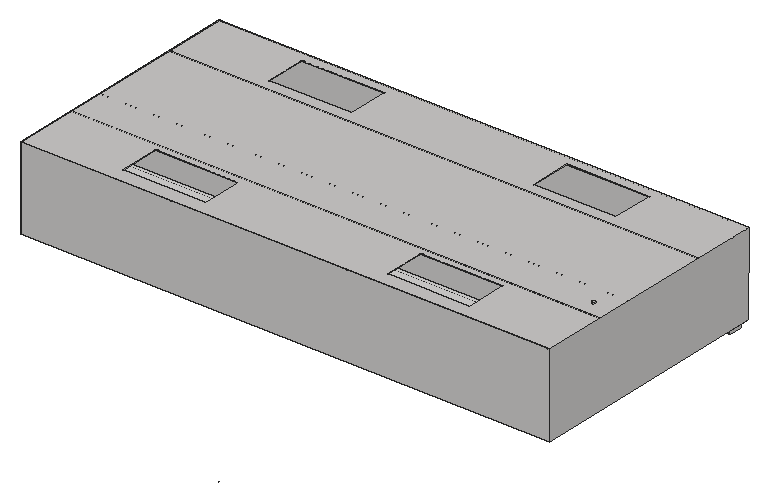
Revit family "QF_ELECTROLUXPROFESSIONAL_641262_STPF1532", category Attrezzature speciali, Revit 2021
Family settings
  Quota connettore circolare = Usa diametro
  Tipo di parte = Normale
  Basato su piano di lavoro = No
  Sempre verticale = Sì
  Taglio con vuoti quando caricato = No
  Condiviso = No
  Punto di calcolo locali = No
Parameters (values of type "Standard")
  Weight = 203.00 kg
  Watts = 240 W
  Volts = 220 V
  URL Manufacturer = "https://www.electroluxprofessional.com/"
  URL = "https://www.electroluxprofessional.com/"
  Steam Supply Size = 0 mm
  Steam Supply Minimum Pressure = 0.0 Pa
  Steam Supply Maximum Pressure = 0.0 Pa
  Steam Consumption per Hour = 0
  Refrigeration Suction Line Size = 0 mm
  Refrigeration Liquid Line Size = 0 mm
  Refrigerant Compressor Remote = yes
  Prospetto di default = 0 mm
  Produttore = "Electrolux Professional"
  Phase = 1
  Modello = "STPF1532"
  Length Actual = 3200 mm  # constant formula
  Item Number = "641262"
  Hot Water Size = 0 mm
  Height Actual = 500 mm  # constant formula
  HP = "0.3 HP"
  Gas Size = 0 mm
  Gas KW = 0
  Gas Input Pressure = 0 W
  Direct Waste Size = 0 mm
  Descrizione = "304 S/S WALL HOOD+FILTERS+LAMPS 320X150"
  Depth Actual = 1500 mm  # constant formula
  Cycle = 50 Hz
  Condensate Return Size = 0 mm
  Compressed Air Volume = 0.0 L/s
  Compressed Air Size = 0 mm
  Compressed Air Pressure = 0.0 Pa
  Cold Water Size = 0 mm
  Accessory = yes
Reference planes
  plane 1: z = 0
  plane 2 "Center (Left/Right)": x = 150
  plane 3 "LEFT": x = -1450
  plane 4 "RIGHT": x = 1750
  plane 5 "BACK": y = 550
  plane 6 "TOP": z = 2500
  plane 7 "Base": z = 2000
  plane 8: z = 1955
  plane 9 "DrainY": y = 490
  plane 10: x = -1447
  plane 11 "DrainX": x = 1630
  plane 12 "AOLeft2": x = -400
  plane 13 "AORight1": x = 700
  plane 14: x = 1747
  plane 15: x = -1250
  plane 16: x = 1550
  plane 17 "Center (Front/Back)": y = -100
  plane 18 "Front": y = -950
  plane 19 "AOLeft1": x = -900
  plane 20 "AORight2": x = 1200
  plane 21: y = -864
  plane 22: y = -614
  plane 23: y = 240
  plane 24: y = 490
  plane 25 "EI_y": y = -470
  plane 26 "EIx": x = 1630
Forms (mm)
  Extrusion 1, solid, material "QF_Finishes_Stainless Steel"
    sketch origin (-1450, 0, 360) x (0, 1, 0) y (0, 0, 1)
      loop
        line (550, 1640) -> (550, 2140) -> (-950, 2140) -> (-950, 1640) -> (550, 1640)
    from 0 to 3
  Extrusion 2, solid, material "QF_Finishes_Stainless Steel"
    sketch origin (1750, 0, 360) x (0, 1, 0) y (0, 0, 1)
      loop
        line (550, 1640) -> (550, 2140) -> (-950, 2140) -> (-950, 1640) -> (550, 1640)
    from 0 to -3
  Extrusion 3, solid, material "QF_Finishes_Stainless Steel"
    sketch origin (150, 0, 360) x (0, 1, 0) y (0, 0, 1)
      loop
        line (-950, 2140) -> (-950, 1640) -> (-940, 1640) -> (-940, 1640.8) -> (-949.2, 1640.8) -> (-949.2, 2139.19) -> (549.2, 2139.19) -> (549.2, 1640.8) -> (540, 1640.8) -> (540, 1640) -> (550, 1640) -> (550, 2140) -> (-950, 2140)
    from -1600 to 1600
  Extrusion 4, solid, material "QF_Finishes_Stainless Steel"
    sketch origin (0, 0, 2000) x (0, 1, 0) y (-1, 0, 0)
      loop
        circle (490, -1630) r 4.763
    from -30 to 0
  Extrusion 5, void
    sketch origin (0, 0, 2500) x (0, 1, 0) y (-1, 0, 0)
      loop
        line (-614, 400) -> (-614, 900) -> (-864, 900) -> (-864, 400) -> (-614, 400)
    from 0 to -10
  Extrusion 6, solid, material "QF_Finishes_Stainless Steel"
    sketch origin (0, 0, 0) x (1, 0, 0) y (0, 1, 0)
      loop
        line (-1450, 550) -> (-1450, 549) -> (-1449, 549) -> (-1449, 550) -> (-1450, 550)
    from 0 to 1
  Extrusion 7, solid, material "QF_LAMPS"
    sketch origin (150, 0, 360) x (0, 1, 0) y (0, 0, 1)
      loop
        line (-572.823, 1962.324) -> (-418.948, 2086.929) -> (-427.129, 2097.032) -> (-581.003, 1972.426) -> (-572.823, 1962.324)
    from 1597 to -1597
  Sweep 8, solid, material "QF_Finishes_Stainless Steel"
    path origin (0, 0, 0) x (1, 0, 0) y (0, 1, 0)
      loop
        line (1750, 550) -> (-1450, 550) -> (-1450, -950) -> (1750, -950) -> (1750, 550)
    profile origin (1750, -200, 0) x (1, 0, 0) y (0, 0, 1)
      loop
        line (-3, 2000) -> (-3, 2000.8) -> (-19, 2000.8) -> (-19, 2010) -> (-20, 2010) -> (-20, 2000) -> (-3, 2000)
  Extrusion 9, solid, material "QF_Finishes_Stainless Steel"
    sketch origin (150, 0, 0) x (0, 1, 0) y (0, 0, 1)
      loop
        line (414.66, 2095.469) -> (440.643, 2110.471) -> (261.744, 2411.771) -> (235.948, 2396.455) -> (414.66, 2095.469)
    from -1597 to -1400
  Extrusion 10, void
    sketch origin (1134.605, 0, 2500) x (0, 1, 0) y (-1, 0, 0)
      loop
        line (-614, -65.395) -> (-614, 434.605) -> (-864, 434.605) -> (-864, -65.395) -> (-614, -65.395)
    from 0 to -10
  Extrusion 11, solid, material "QF_Finishes_Stainless Steel"
    sketch origin (1630, 0, 0) x (0, 1, 0) y (0, 0, 1)
      loop
        line (539, 2000) -> (441, 2000) -> (441, 1989) -> (448.5, 1989) -> (448.5, 1965)
        arc (448.5, 1965) -> (451.429, 1957.929) -> (458.5, 1955) r 10
        line (458.5, 1955) -> (521.5, 1955)
        arc (521.5, 1955) -> (528.571, 1957.929) -> (531.5, 1965) r 10
        line (531.5, 1965) -> (531.5, 1989) -> (539, 1989) -> (539, 2000)
    from 90 to -90
  Extrusion 12, solid, material "QF_Finishes_Stainless Steel"
    sketch origin (150, 0, 0) x (0, 1, 0) y (0, 0, 1)
      loop
        line (414.66, 2095.469) -> (440.643, 2110.471) -> (261.744, 2411.771) -> (235.948, 2396.455) -> (414.66, 2095.469)
    from 1400 to 1597
  Extrusion 13, solid, material "QF_Finished_Chrome"
    sketch origin (150, 0, 0) x (0, 1, 0) y (0, 0, 1)
      loop
        line (414.66, 2095.469) -> (440.643, 2110.471) -> (261.744, 2411.771) -> (235.948, 2396.455) -> (414.66, 2095.469)
    from -1400 to 1400
  Extrusion 14, void
    sketch origin (0, 1180, 2500) x (0, 1, 0) y (-1, 0, 0)
      loop
        line (-690, 400) -> (-690, 900) -> (-940, 900) -> (-940, 400) -> (-690, 400)
    from 0 to -10
  Extrusion 15, void
    sketch origin (1600, 1180, 2500) x (0, 1, 0) y (-1, 0, 0)
      loop
        line (-690, 400) -> (-690, 900) -> (-940, 900) -> (-940, 400) -> (-690, 400)
    from 0 to -10
  Extrusion 16, solid, material "QF_Finishes_Stainless Steel"
    sketch origin (0, 0, 2500) x (0, 1, 0) y (-1, 0, 0)
      loop
        circle (-470, -1630) r 10
    from 0 to 1.6
  Extrusion 17, solid, material "QF_Finishes_Stainless Steel"
    sketch origin (150, 0, 360) x (0, 1, 0) y (0, 0, 1)
      loop
        line (430.005, 1640) -> (540, 1640) -> (540, 1640.8) -> (430.467, 1640.8) -> (371.906, 1742.23) -> (414.858, 1734.657) -> (442.266, 1750.481) -> (442.266, 1765.943) -> (441.466, 1765.943) -> (441.466, 1750.943) -> (414.709, 1735.495) -> (321.153, 1751.991) -> (320.875, 1750.416) -> (371.4, 1741.507) -> (430.005, 1640)
      loop
        line (172.529, 2139.19) -> (242.893, 2017.316) -> (245.133, 2018.715) -> (240.13, 2027.381) -> (238.569, 2026.405) -> (173.453, 2139.19) -> (172.529, 2139.19)
    from -1597 to 1597
  Extrusion 18, solid, material "QF_Finishes_Stainless Steel"
    sketch origin (150, 200.8, 360) x (0, 1, 0) y (0, 0, 1)
      loop
        line (-1150, 2139.19) -> (-1150, 1640) -> (-1086.602, 1640) -> (-999.146, 1690.493) -> (-1010.058, 1709.394) -> (-1066.564, 1676.77) -> (-1114.704, 1680.982) -> (-1149.2, 1730.248) -> (-1149.2, 2139.19) -> (-1150, 2139.19)
      loop
        line (-773.6, 1961.694) -> (-781.937, 1971.99) -> (-769.095, 1982.182) -> (-769.095, 2139.19) -> (-769.895, 2139.19) -> (-769.895, 1982.569) -> (-1082.298, 1734.63) -> (-1071.091, 1720.79) -> (-773.6, 1961.694)
      loop
        line (-627.61, 2099.216) -> (-618.171, 2087.559) -> (-554.411, 2139.19) -> (-555.682, 2139.19) -> (-618.052, 2088.684) -> (-626.989, 2099.719) -> (-627.61, 2099.216)
    from -1597 to 1597
  Extrusion 19, solid, material "QF_Finishes_Stainless Steel"
    sketch origin (0, 0, 2500) x (0, 1, 0) y (-1, 0, 0)
      loop
        circle (-470, -1630) r 10
    from 0 to 1.6
Cuts and joins
  Extrusion 5, Extrusion 10, Extrusion 14, Extrusion 15 cuts Extrusion 3
  joined: Extrusion 2, Extrusion 3, Sweep 8
Lines and regions (mm)
  symbolic lines, style "SpecialityEquipment", detail levels coarse
    curve 1: line (1750, 550, 2500) -> (-1450, 550, 2500)
    curve 2: line (-1450, 550, 2500) -> (-1450, -950, 2500)
    curve 3: line (1750, -950, 2500) -> (1750, 550, 2500)
    curve 4: line (-1450, 550, 0) -> (1750, -950, 0)
    curve 5: line (1750, 550, 0) -> (-1450, -950, 0)
    curve 6: line (-1450, -950, 0) -> (1750, -950, 0)
  symbolic lines, detail levels coarse
    curve 7: line (-900, 240, 2500) -> (-400, 240, 2500)
    curve 8: line (-900, 490, 2500) -> (-900, 240, 2500)
    curve 9: line (-400, 490, 2500) -> (-900, 490, 2500)
    curve 10: line (-400, 240, 2500) -> (-400, 490, 2500)
    curve 11: line (700, 490, 2500) -> (700, 240, 2500)
    curve 12: line (1200, 490, 2500) -> (700, 490, 2500)
    curve 13: line (700, 240, 2500) -> (1200, 240, 2500)
    curve 14: line (1200, 240, 2500) -> (1200, 490, 2500)
    curve 15: line (-900, -614, 2500) -> (-400, -614, 2500)
    curve 16: line (-900, -864, 2500) -> (-900, -614, 2500)
    curve 17: line (-400, -864, 2500) -> (-900, -864, 2500)
    curve 18: line (-400, -614, 2500) -> (-400, -864, 2500)
    curve 19: line (700, -614, 2500) -> (1200, -614, 2500)
    curve 20: line (700, -864, 2500) -> (700, -614, 2500)
    curve 21: line (1200, -864, 2500) -> (700, -864, 2500)
    curve 22: line (1200, -614, 2500) -> (1200, -864, 2500)
Dimensions and locks
  plane 3 "LEFT" to plane 4 "RIGHT" = 3200 mm
  equal spacing: plane 3 "LEFT", plane 2 "Center (Left/Right)", plane 4 "RIGHT"
  plane 7 "Base" to plane 8 = 45 mm
  plane 5 "BACK" to plane 9 "DrainY" = 60 mm  (x2)
  plane 3 "LEFT" to plane 10 = 3 mm
  plane 11 "DrainX" to plane 4 "RIGHT" = 120 mm
  plane 14 to plane 4 "RIGHT" = 3 mm
  plane 3 "LEFT" to plane 15 = 200 mm
  plane 16 to plane 4 "RIGHT" = 200 mm
  locked: plane 12 "AOLeft2" to plane 13 "AORight1" at 1100
  equal spacing: plane 12 "AOLeft2", plane 2 "Center (Left/Right)", plane 13 "AORight1"
  locked: plane 7 "Base" to level at 2000
  locked: plane 6 "TOP" to plane 7 "Base" at 500
  locked: plane 19 "AOLeft1" to plane 12 "AOLeft2" at 500
  locked: plane 13 "AORight1" to plane 20 "AORight2" at 500
  locked: plane 22 to plane 21 at 250
  locked: plane 21 to plane 18 "Front" at 86
  locked: plane 24 to plane 23 at 250
  locked: plane 5 "BACK" to plane 24 at 60
  locked: plane 25 "EI_y" to plane 18 "Front" at 480
  locked: plane 26 "EIx" to plane 4 "RIGHT" at 120
  locked: plane 5 "BACK" to plane 18 "Front" at 1500
  plane 5 "BACK" to plane 18 "Front" = 1500 mm
  aligned and locked: level to plane 1
  aligned and locked: plane 4 "RIGHT" to Extrusion 3
  aligned and locked: Extrusion 3 to plane 3 "LEFT"
  aligned and locked: Extrusion 2 to plane 14
  aligned and locked: Extrusion 9 to plane 10
  aligned and locked: Extrusion 5 to plane 19 "AOLeft1"
  aligned and locked: Extrusion 5 to plane 12 "AOLeft2"
  aligned and locked: plane 20 "AORight2" to Extrusion 10
  aligned and locked: plane 13 "AORight1" to Extrusion 10
  aligned and locked: plane 15 to Extrusion 9
  aligned and locked: plane 16 to Extrusion 12
  aligned and locked: plane 14 to Extrusion 12
  aligned and locked: Extrusion 13 to plane 15
  aligned and locked: Extrusion 13 to plane 16
  aligned and locked: plane 14 to Extrusion 7
  aligned and locked: Extrusion 7 to plane 10
  aligned and locked: Extrusion 14 to plane 23
  aligned and locked: plane 24 to Extrusion 14
  aligned and locked: plane 24 to Extrusion 15
  aligned and locked: Extrusion 15 to plane 23
  aligned and locked: plane 13 "AORight1" to Extrusion 15
  aligned and locked: plane 20 "AORight2" to Extrusion 15
  aligned and locked: Extrusion 14 to plane 19 "AOLeft1"
  aligned and locked: Extrusion 14 to plane 12 "AOLeft2"
  aligned and locked: Extrusion 17 to plane 10
  aligned and locked: plane 14 to Extrusion 17
  aligned and locked: Extrusion 5 to plane 21
  aligned and locked: plane 22 to Extrusion 5
  aligned and locked: Extrusion 10 to plane 21
  aligned and locked: Extrusion 18 to plane 10
  aligned and locked: plane 14 to Extrusion 18
Automatic sketch dimensions
  curve 6 to plane 3 "LEFT" = 0 mm
  curve 4 to plane 3 "LEFT" = 0 mm
  curve 5 to plane 4 "RIGHT" = 0 mm
  curve 6 to plane 4 "RIGHT" = 0 mm
  curve 4 to plane 18 "Front" = 0 mm
  curve 5 to plane 5 "BACK" = 0 mm
  curve 4 to plane 5 "BACK" = 0 mm
  Extrusion 1 sketch curve to plane 7 "Base" = 0 mm
  Extrusion 1 sketch curve to plane 18 "Front" = 0 mm
  Extrusion 1 sketch curve to plane 5 "BACK" = 0 mm
  Extrusion 1 sketch curve to plane 6 "TOP" = 0 mm
  Extrusion 2 sketch curve to plane 7 "Base" = 0 mm
  Extrusion 2 sketch curve to plane 18 "Front" = 0 mm
  Extrusion 2 sketch curve to plane 5 "BACK" = 0 mm
  Extrusion 2 sketch curve to plane 6 "TOP" = 0 mm
  Extrusion 3 sketch curve to plane 6 "TOP" = 0 mm
  Extrusion 3 sketch curve to plane 18 "Front" = 0 mm
  Extrusion 3 sketch curve to plane 7 "Base" = 0 mm  (x2)
  Extrusion 3 sketch curve to plane 5 "BACK" = 0 mm
  plane 18 "Front" to Extrusion 3 sketch curve = 0.8 mm
  Extrusion 3 sketch curve to Extrusion 3 sketch curve = 9.2 mm
  plane 7 "Base" to Extrusion 3 sketch curve = 0.8 mm  (x2)
  Extrusion 3 sketch curve to plane 5 "BACK" = 10 mm
  Extrusion 3 sketch curve to plane 5 "BACK" = 0.8 mm
  Extrusion 3 sketch curve to plane 6 "TOP" = 0.81 mm
  Extrusion 4 sketch curve to plane 9 "DrainY" = 0 mm
  Extrusion 4 sketch curve to plane 11 "DrainX" = 0 mm
  Extrusion 5 sketch curve to plane 12 "AOLeft2" = 0 mm
  Extrusion 5 sketch curve to plane 21 = 0 mm
  Extrusion 5 sketch curve to plane 22 = 0 mm
  Extrusion 5 sketch curve to plane 19 "AOLeft1" = 0 mm
  Extrusion 6 sketch curve to plane 3 "LEFT" = 0 mm
  Extrusion 6 sketch curve to plane 5 "BACK" = 0 mm
  plane 3 "LEFT" to Extrusion 6 sketch curve = 1 mm
  Extrusion 6 sketch curve to Extrusion 6 sketch curve = 1 mm
  plane 22 to Extrusion 7 sketch curve = 32.997 mm
  Extrusion 7 sketch curve to Extrusion 7 sketch curve = 8.181 mm  (x2)
  plane 25 "EI_y" to Extrusion 7 sketch curve = 42.871 mm
  Extrusion 7 sketch curve to plane 6 "TOP" = 177.676 mm
  Extrusion 7 sketch curve to Extrusion 7 sketch curve = 10.102 mm
  Extrusion 7 sketch curve to plane 6 "TOP" = 53.071 mm
  Extrusion 7 sketch curve to Extrusion 7 sketch curve = 10.103 mm
  Sweep 8 sketch curve to plane 3 "LEFT" = 0 mm
  Sweep 8 sketch curve to plane 4 "RIGHT" = 0 mm
  Sweep 8 sketch curve to plane 18 "Front" = 0 mm
  Sweep 8 sketch curve to plane 5 "BACK" = 0 mm
  profile plane to Sweep 8 sketch curve = 20 mm
  Sweep 8 sketch curve to Sweep 8 sketch curve = 1 mm
  profile plane to Sweep 8 sketch curve = 3 mm
  level to Sweep 8 sketch curve = 2000 mm
  Sweep 8 sketch curve to Sweep 8 sketch curve = 0.8 mm
  Sweep 8 sketch curve to Sweep 8 sketch curve = 9.2 mm
  Extrusion 9 sketch curve to plane 23 = 4.052 mm
  plane 23 to Extrusion 9 sketch curve = 21.744 mm
  Extrusion 9 sketch curve to plane 9 "DrainY" = 75.34 mm
  Extrusion 9 sketch curve to Extrusion 9 sketch curve = 25.983 mm
  plane 7 "Base" to Extrusion 9 sketch curve = 95.469 mm
  Extrusion 9 sketch curve to Extrusion 9 sketch curve = 15.001 mm
  Extrusion 9 sketch curve to plane 6 "TOP" = 103.545 mm
  Extrusion 9 sketch curve to Extrusion 9 sketch curve = 15.316 mm
  Extrusion 10 sketch curve to plane 20 "AORight2" = 0 mm
  Extrusion 10 sketch curve to plane 21 = 0 mm
  Extrusion 10 sketch curve to plane 22 = 0 mm
  Extrusion 10 sketch curve to plane 13 "AORight1" = 0 mm
  Extrusion 11 sketch curve to plane 8 = 0 mm
  Extrusion 11 sketch curve to plane 7 "Base" = 11 mm  (x2)
  Extrusion 11 sketch curve to plane 9 "DrainY" = 49 mm
  Extrusion 11 sketch curve to Extrusion 11 sketch curve = 7.5 mm  (x2)
  Extrusion 11 sketch curve to Extrusion 11 sketch curve = 10 mm
  Extrusion 11 sketch curve to plane 5 "BACK" = 28.5 mm
  Extrusion 11 sketch curve to plane 5 "BACK" = 18.5 mm
  plane 7 "Base" to Extrusion 11 sketch curve = 0 mm
  Extrusion 12 sketch curve to plane 23 = 4.052 mm
  plane 23 to Extrusion 12 sketch curve = 21.744 mm
  Extrusion 12 sketch curve to plane 9 "DrainY" = 75.34 mm
  Extrusion 12 sketch curve to Extrusion 12 sketch curve = 25.983 mm
  plane 7 "Base" to Extrusion 12 sketch curve = 95.469 mm
  Extrusion 12 sketch curve to Extrusion 12 sketch curve = 15.001 mm
  Extrusion 12 sketch curve to plane 6 "TOP" = 103.545 mm
  Extrusion 12 sketch curve to Extrusion 12 sketch curve = 15.316 mm
  Extrusion 13 sketch curve to plane 23 = 4.052 mm
  plane 23 to Extrusion 13 sketch curve = 21.744 mm
  Extrusion 13 sketch curve to plane 9 "DrainY" = 75.34 mm
  Extrusion 13 sketch curve to Extrusion 13 sketch curve = 25.983 mm
  plane 7 "Base" to Extrusion 13 sketch curve = 95.469 mm
  Extrusion 13 sketch curve to Extrusion 13 sketch curve = 15.001 mm
  Extrusion 13 sketch curve to plane 6 "TOP" = 103.545 mm
  Extrusion 13 sketch curve to Extrusion 13 sketch curve = 15.316 mm
  Extrusion 14 sketch curve to plane 12 "AOLeft2" = 0 mm
  Extrusion 14 sketch curve to plane 23 = 0 mm
  Extrusion 14 sketch curve to plane 9 "DrainY" = 0 mm
  Extrusion 14 sketch curve to plane 19 "AOLeft1" = 0 mm
  Extrusion 15 sketch curve to plane 20 "AORight2" = 0 mm
  Extrusion 15 sketch curve to plane 23 = 0 mm
  Extrusion 15 sketch curve to plane 9 "DrainY" = 0 mm
  Extrusion 15 sketch curve to plane 13 "AORight1" = 0 mm
  Extrusion 16 sketch curve to plane 25 "EI_y" = 0 mm
  Extrusion 16 sketch curve to plane 26 "EIx" = 0 mm
  Extrusion 17 sketch curve to plane 7 "Base" = 0 mm
  Extrusion 17 sketch curve to plane 6 "TOP" = 0.81 mm
  Extrusion 17 sketch curve to plane 23 = 67.471 mm
  Extrusion 17 sketch curve to Extrusion 17 sketch curve = 0.924 mm
  Extrusion 17 sketch curve to plane 23 = 1.431 mm
  plane 23 to Extrusion 17 sketch curve = 0.13 mm
  plane 23 to Extrusion 17 sketch curve = 2.893 mm
  Extrusion 17 sketch curve to Extrusion 17 sketch curve = 2.24 mm
  plane 23 to Extrusion 17 sketch curve = 80.875 mm
  Extrusion 17 sketch curve to Extrusion 17 sketch curve = 0.278 mm
  Extrusion 17 sketch curve to Extrusion 17 sketch curve = 50.525 mm
  Extrusion 17 sketch curve to Extrusion 17 sketch curve = 0.506 mm
  Extrusion 17 sketch curve to Extrusion 17 sketch curve = 42.803 mm
  Extrusion 17 sketch curve to Extrusion 17 sketch curve = 0.148 mm
  Extrusion 17 sketch curve to plane 9 "DrainY" = 59.995 mm
  plane 7 "Base" to Extrusion 17 sketch curve = 0.8 mm
  Extrusion 17 sketch curve to Extrusion 17 sketch curve = 0.462 mm  (x2)
  Extrusion 17 sketch curve to Extrusion 17 sketch curve = 109.533 mm
  Extrusion 17 sketch curve to Extrusion 17 sketch curve = 26.757 mm
  Extrusion 17 sketch curve to Extrusion 17 sketch curve = 0.8 mm
  plane 7 "Base" to Extrusion 17 sketch curve = 94.657 mm
  Extrusion 17 sketch curve to Extrusion 17 sketch curve = 0.838 mm
  Extrusion 17 sketch curve to Extrusion 17 sketch curve = 6.012 mm
  Extrusion 17 sketch curve to Extrusion 17 sketch curve = 0.723 mm
  Extrusion 17 sketch curve to Extrusion 17 sketch curve = 14.986 mm
  Extrusion 17 sketch curve to Extrusion 17 sketch curve = 15 mm
  Extrusion 17 sketch curve to plane 6 "TOP" = 122.684 mm
  Extrusion 17 sketch curve to Extrusion 17 sketch curve = 1.399 mm
  Extrusion 17 sketch curve to Extrusion 17 sketch curve = 9.089 mm
  Extrusion 17 sketch curve to Extrusion 17 sketch curve = 0.975 mm
  Extrusion 18 sketch curve to plane 7 "Base" = 0 mm
  plane 18 "Front" to Extrusion 18 sketch curve = 0.8 mm
  Extrusion 18 sketch curve to Extrusion 18 sketch curve = 0.8 mm  (x2)
  plane 18 "Front" to Extrusion 18 sketch curve = 36.096 mm
  Extrusion 18 sketch curve to plane 21 = 21.802 mm
  Extrusion 18 sketch curve to plane 21 = 17.498 mm
  Extrusion 18 sketch curve to plane 21 = 6.291 mm
  Extrusion 18 sketch curve to plane 21 = 1.764 mm
  plane 21 to Extrusion 18 sketch curve = 54.742 mm
  Extrusion 18 sketch curve to Extrusion 18 sketch curve = 10.912 mm
  plane 22 to Extrusion 18 sketch curve = 32.863 mm
  Extrusion 18 sketch curve to Extrusion 18 sketch curve = 8.337 mm
  Extrusion 18 sketch curve to Extrusion 18 sketch curve = 12.042 mm
  plane 25 "EI_y" to Extrusion 18 sketch curve = 43.19 mm
  Extrusion 18 sketch curve to Extrusion 18 sketch curve = 0.622 mm
  Extrusion 18 sketch curve to Extrusion 18 sketch curve = 9.44 mm
  Extrusion 18 sketch curve to Extrusion 18 sketch curve = 0.118 mm
  Extrusion 18 sketch curve to plane 6 "TOP" = 0.81 mm  (x3)
  Extrusion 18 sketch curve to Extrusion 18 sketch curve = 62.37 mm
  Extrusion 18 sketch curve to Extrusion 18 sketch curve = 1.271 mm
  plane 7 "Base" to Extrusion 18 sketch curve = 36.77 mm
  plane 7 "Base" to Extrusion 18 sketch curve = 40.982 mm
  plane 7 "Base" to Extrusion 18 sketch curve = 50.493 mm
  Extrusion 18 sketch curve to Extrusion 18 sketch curve = 18.901 mm
  Extrusion 18 sketch curve to Extrusion 18 sketch curve = 44.02 mm
  Extrusion 18 sketch curve to Extrusion 18 sketch curve = 49.266 mm
  Extrusion 18 sketch curve to Extrusion 18 sketch curve = 13.84 mm
  Extrusion 18 sketch curve to plane 6 "TOP" = 178.306 mm
  Extrusion 18 sketch curve to Extrusion 18 sketch curve = 10.296 mm
  Extrusion 18 sketch curve to Extrusion 18 sketch curve = 10.192 mm
  Extrusion 18 sketch curve to Extrusion 18 sketch curve = 0.386 mm
  Extrusion 18 sketch curve to plane 6 "TOP" = 52.441 mm
  Extrusion 18 sketch curve to Extrusion 18 sketch curve = 1.125 mm
  Extrusion 19 sketch curve to plane 25 "EI_y" = 0 mm
  Extrusion 19 sketch curve to plane 26 "EIx" = 0 mm
  curve 2 to plane 3 "LEFT" = 0 mm
  curve 2 to plane 18 "Front" = 0 mm
  curve 3 to plane 4 "RIGHT" = 0 mm
  curve 3 to plane 18 "Front" = 0 mm
  curve 21 to plane 13 "AORight1" = 0 mm
  curve 21 to plane 21 = 0 mm
  curve 18 to plane 12 "AOLeft2" = 0 mm
  curve 18 to plane 21 = 0 mm
  curve 19 to plane 20 "AORight2" = 0 mm
  curve 19 to plane 22 = 0 mm
  curve 15 to plane 22 = 0 mm
  curve 13 to plane 13 "AORight1" = 0 mm
  curve 13 to plane 23 = 0 mm
  curve 10 to plane 12 "AOLeft2" = 0 mm
  curve 10 to plane 23 = 0 mm
  curve 14 to plane 9 "DrainY" = 0 mm
  curve 10 to plane 9 "DrainY" = 0 mm
  curve 2 to plane 5 "BACK" = 0 mm
  curve 14 to plane 20 "AORight2" = 0 mm
  curve 17 to plane 19 "AOLeft1" = 0 mm
  curve 7 to plane 19 "AOLeft1" = 0 mm
  radius of Extrusion 4 sketch curve = 4.763 mm
  radius of Extrusion 16 sketch curve = 10 mm
  radius of Extrusion 19 sketch curve = 10 mm
Connectors
  piping at (1630, 490, 1970), diameter 9.5
    settings: on Extrusion 4, index 1, connector inside diameter 609.6 mm, connector length 0 mm, flow factor 0, pipe flow 0.0 L/s, pressure drop 0.0 Pa, fitting loss kfactor 0, connector angle 0.00°, fixture units 0, engagement length 0 mm, angle of deflection 0.00°, flow configuration 1, flow direction 2, fitting loss method 0, system type 16, joint type 0, gender type 0, connector reference index -1, connector utility 0, adjustable connector no, is connector primary yes, connector description "Drain"
  hvac at (-650, -739, 2500)
    settings: on Extrusion 5, index 2, duct flow 0.0 L/s, flow factor 0, pres drop 0.0 Pa, loss coef 0, conn angle 0.00°, conn width 250 mm, conn height 500 mm, conn diameter 609.6 mm, duct sys type 1, conn prof type 1, flow config 1, flow direction 1, loss method 0, conn ref index -1, conn util no, is conn primary yes, conn desc "AIR INLET"
  hvac at (950, -739, 2500)
    settings: on Extrusion 10, index 3, duct flow 0.0 L/s, flow factor 0, pres drop 0.0 Pa, loss coef 0, conn angle 0.00°, conn width 250 mm, conn height 500 mm, conn diameter 609.6 mm, duct sys type 1, conn prof type 1, flow config 1, flow direction 1, loss method 0, conn ref index -1, conn util no, is conn primary no, conn desc "AIR INLET"
  hvac at (-650, 365, 2500)
    settings: on Extrusion 14, index 4, duct flow 0.0 L/s, flow factor 0, pres drop 0.0 Pa, loss coef 0, conn angle 0.00°, conn width 250 mm, conn height 500 mm, conn diameter 609.6 mm, duct sys type 3, conn prof type 1, flow config 1, flow direction 2, loss method 0, conn ref index -1, conn util no, is conn primary no, conn desc "EXHAUST OUTLET"
  hvac at (950, 365, 2500)
    settings: on Extrusion 15, index 5, duct flow 0.0 L/s, flow factor 0, pres drop 0.0 Pa, loss coef 0, conn angle 0.00°, conn width 250 mm, conn height 500 mm, conn diameter 609.6 mm, duct sys type 3, conn prof type 1, flow config 1, flow direction 2, loss method 0, conn ref index -1, conn util no, is conn primary no, conn desc "EXHAUST OUTLET"
  electrical at (1630, -470, 2501.6), driven by "Volts"
    settings: on Extrusion 16, index 6, voltage 220 V, apparent load 0 VA, apparent load phase1 0 VA, apparent load phase2 0 VA, apparent load phase3 0 VA, power factor 1, load classification "Other", number of poles 1, system type 30, power factor state 1, is connector primary yes, connector utility no, sub classification motor no, connector description "Electrical Connection"
  electrical at (1630, -470, 2501.6)
    settings: on Extrusion 19, index 12, voltage 0 V, apparent load 0 VA, apparent load phase1 0 VA, apparent load phase2 0 VA, apparent load phase3 0 VA, power factor 1, load classification "Other", number of poles 1, system type 30, power factor state 1, is connector primary no, connector utility no, sub classification motor no, connector description ""
